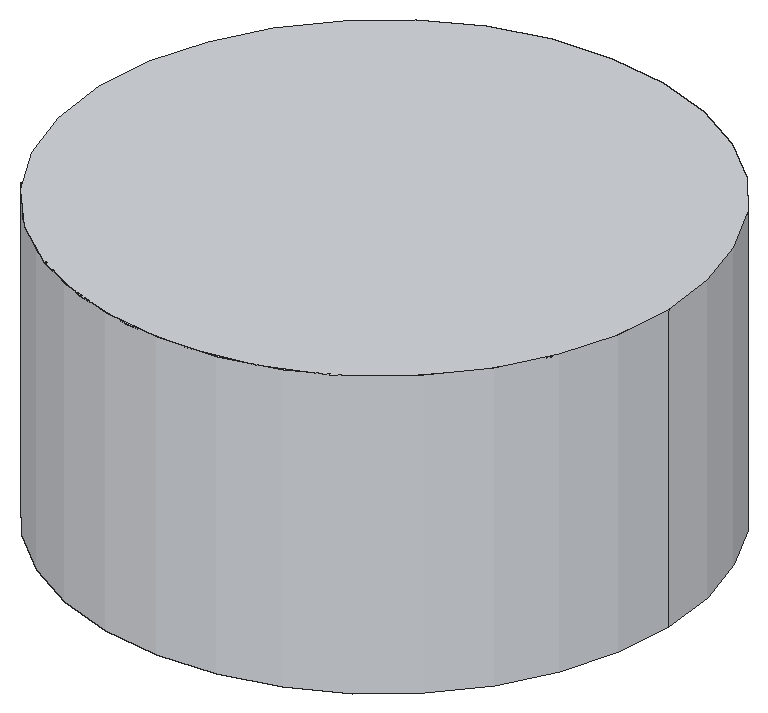
Revit family "10981200", category Specialty Equipment, Revit 2020
Family settings
  Round Connector Dimension = Use Diameter
  Part Type = Normal
  OmniClass Number = 23.40.40.14
  OmniClass Title = Food Service Equipment
  Work Plane-Based = No
  Always vertical = Yes
  Cut with Voids When Loaded = No
  Shared = No
  Room Calculation Point = No
Parameters (values of type "Standard")
  URL = "https://www.rustfriebergh.no/produkter/serveringsdisker/displaymonter-rbdm/"
  Model = "10981200"
  Manufacturer = "RUSTFRIE BERGH AS"
  Description = "Dispalymonter RBDM 1200"
  Default Elevation = 0 mm
Reference planes
  plane 1 "Center (Front/Back)": y = 0
  plane 2: z = 0
  plane 3 "Center (Left/Right)": x = 0
Forms (mm)
  Extrusion 1, solid
    sketch origin (390, 256, 48.5) x (1, 0, 0) y (0, 1, 0)
      loop
        circle (0, 0) r 3.048
    from 0 to -3.048
Dimensions and locks
  aligned and locked: level to plane 2
Connectors
  electrical at (390, 256, 48.5)
    settings: on Extrusion 1, index 1, voltage 230 V, apparent load 750 VA, apparent load phase1 0 VA, apparent load phase2 0 VA, apparent load phase3 0 VA, power factor 0, load classification "Other", number of poles 1, system type 30, power factor state 1, is connector primary yes, connector utility no, sub classification motor no, connector description "230V 50/60HZ 3,26A"
